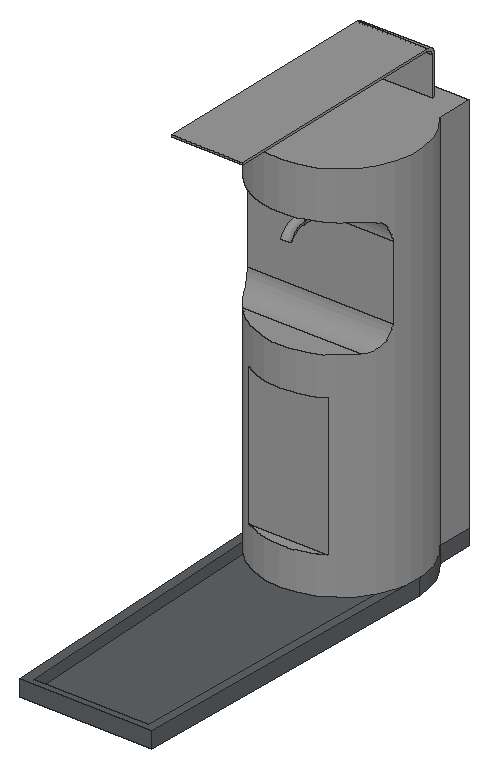
Revit family "KEUCO_34954010100", category Sonderausstattung, Revit 2016
Family settings
  Teiletyp = Normal
  Bemaßung runder Anschluss = Durchmesser verwenden
  Arbeitsebenenbasiert = Nein
  Immer vertikal = Ja
  Beim Laden mit Abzugskörper schneiden = Nein
  Gemeinsam genutzt = Nein
  Raumberechnungspunkt = Nein
Parameters (values of type "34954170100")
  Verwendung = "CA / GWC / WP"  # constant formula
  URL = "https://www.keuco.com/de/produkte/sortiment/artikel/?pid=34954&oid=1&pgo=12&country=de&lang=de&vid=34954170100"
  Serie = "Plan"  # constant formula
  Preisgruppe = "1"  # constant formula
  Material Regal [instance] = Aluminium silber-eloxiert (E6 EV1)
  Materialien bei Hersteller anfragen = "Request to:  objektmanagement@keuco.de"
  Kategorie = "ACC"  # constant formula
  Hersteller = "KEUCO"  # constant formula
  Gewicht = 320.7
  Beschreibung = "Spendergehäuse für 0,5 l Euronormflasche\r\nmit integrierter Pumpe (baugleich z.B. Bode\r\nEuronormflasche 0,5 l Sterilium), mit abnehmbarer\r\nTropfschale aus Kunststoff"
  Ausschreibungstext = "KEUCO Flüssigseifen- und Desinfektionsmittelspender 34954010100\r\nKEUCO PLAN Flüssigseifen- und Desinfektionsmittelspender, verchromt,\r\nin ästhetischem, funktionalem Design,\r\nmit abnehmbarer Tropfschale aus Kunststoff (anthrazit),\r\nfür 0,5 L Euronormflaschen, \r\nDie Euronormflaschen und Pumpen sind nicht im Lieferumfang enthalten:\r\n\r\nFolgende Euronormflaschen können eingesetzt werden:\r\nBode (Art-Nr 106650/ PZN 00970709; Dosierpumpe Art-Nr 9804241), \r\nB. Braun Petzold GmbH (Art-Nr 19159/ PZN 01980561; Dosierpumpe Art-Nr 3908380 ), \r\nEcolab GmbH & Co. OHG (Art-Nr 3017360/ PZN 07356119; Dosierpumpe Art-Nr 10000015) oder\r\nDr. Schumacher Hygiene & Desinfektion (Art-Nr 00-409-005; Dosierpumpe Art-Nr 00-906-005-02)\r\n\r\nhochglanzverchromtes Gehäuse mit transparentem Sichtfenster \r\nzur Identifikation von: Art der Flüssigkeit, Ablaufdatum und Füllstandsanzeige, \r\neinfaches Wechseln und Reinigen der Euronormflaschen durch frontale Entnahme, \r\nGesamtausladung inkl. Tropfschale 250 mm (ohne Tropfschale 170 mm), \r\nBauhöhe 302 mm, Breite 110 mm\r\nDer Spender wird verdeckt angebracht.\r\nLieferung inkl. korrosionsfreiem Befestigungsmaterial."
  Artikelnummer = "34954170100"
Types (3, lengths in mm): name | URL | Material Regal | Ausschreibungstext | Artikelnummer
  (no name) | "https://www.keuco.com/de/produkte/sortiment/artikel/?pid=34954&oid=1&pgo=12&country=de&lang=de&vid=34954170100" | Aluminium silber-eloxiert (E6 EV1) | "KEUCO Flüssigseifen- und Desinfektionsmittelspender 34954010100\r\nKEUCO PLAN Flüssigseifen- und Desinfektionsmittelspender, verchromt,\r\nin ästhetischem, funktionalem Design,\r\nmit abnehmbarer Tropfschale aus Kunststoff (anthrazit),\r\nfür 0,5 L Euronormflaschen, \r\nDie Euronormflaschen und Pumpen sind nicht im Lieferumfang enthalten:\r\n\r\nFolgende Euronormflaschen können eingesetzt werden:\r\nBode (Art-Nr 106650/ PZN 00970709; Dosierpumpe Art-Nr 9804241), \r\nB. Braun Petzold GmbH (Art-Nr 19159/ PZN 01980561; Dosierpumpe Art-Nr 3908380 ), \r\nEcolab GmbH & Co. OHG (Art-Nr 3017360/ PZN 07356119; Dosierpumpe Art-Nr 10000015) oder\r\nDr. Schumacher Hygiene & Desinfektion (Art-Nr 00-409-005; Dosierpumpe Art-Nr 00-906-005-02)\r\n\r\nhochglanzverchromtes Gehäuse mit transparentem Sichtfenster \r\nzur Identifikation von: Art der Flüssigkeit, Ablaufdatum und Füllstandsanzeige, \r\neinfaches Wechseln und Reinigen der Euronormflaschen durch frontale Entnahme, \r\nGesamtausladung inkl. Tropfschale 250 mm (ohne Tropfschale 170 mm), \r\nBauhöhe 302 mm, Breite 110 mm\r\nDer Spender wird verdeckt angebracht.\r\nLieferung inkl. korrosionsfreiem Befestigungsmaterial." | "34954170100"
  34954010100 | "https://www.keuco.com/de/produkte/sortiment/artikel/?pid=34954&oid=1&pgo=12&country=de&lang=de&vid=34954010100" | Verchromt | "KEUCO Flüssigseifen- und Desinfektionsmittelspender 34954010100\r\nKEUCO PLAN Flüssigseifen- und Desinfektionsmittelspender, verchromt,\r\nin ästhetischem, funktionalem Design,\r\nmit abnehmbarer Tropfschale aus Kunststoff (anthrazit),\r\nfür 0,5 L Euronormflaschen, \r\nDie Euronormflaschen und Pumpen sind nicht im Lieferumfang enthalten:\r\n\r\nFolgende Euronormflaschen können eingesetzt werden:\r\nBode (Art-Nr 106650/ PZN 00970709; Dosierpumpe Art-Nr 9804241), \r\nB. Braun Petzold GmbH (Art-Nr 19159/ PZN 01980561; Dosierpumpe Art-Nr 3908380 ), \r\nEcolab GmbH & Co. OHG (Art-Nr 3017360/ PZN 07356119; Dosierpumpe Art-Nr 10000015) oder\r\nDr. Schumacher Hygiene & Desinfektion (Art-Nr 00-409-005; Dosierpumpe Art-Nr 00-906-005-02)\r\n\r\nhochglanzverchromtes Gehäuse mit transparentem Sichtfenster \r\nzur Identifikation von: Art der Flüssigkeit, Ablaufdatum und Füllstandsanzeige, \r\neinfaches Wechseln und Reinigen der Euronormflaschen durch frontale Entnahme, \r\nGesamtausladung inkl. Tropfschale 250 mm (ohne Tropfschale 170 mm), \r\nBauhöhe 302 mm, Breite 110 mm\r\nDer Spender wird verdeckt angebracht.\r\nLieferung inkl. korrosionsfreiem Befestigungsmaterial" | "34954010100"
  34954170100 | "https://www.keuco.com/de/produkte/sortiment/artikel/?pid=34954&oid=1&pgo=12&country=de&lang=de&vid=34954170100" | Aluminium silber-eloxiert (E6 EV1) | "KEUCO Flüssigseifen- und Desinfektionsmittelspender 34954010100\r\nKEUCO PLAN Flüssigseifen- und Desinfektionsmittelspender, verchromt,\r\nin ästhetischem, funktionalem Design,\r\nmit abnehmbarer Tropfschale aus Kunststoff (anthrazit),\r\nfür 0,5 L Euronormflaschen, \r\nDie Euronormflaschen und Pumpen sind nicht im Lieferumfang enthalten:\r\n\r\nFolgende Euronormflaschen können eingesetzt werden:\r\nBode (Art-Nr 106650/ PZN 00970709; Dosierpumpe Art-Nr 9804241), \r\nB. Braun Petzold GmbH (Art-Nr 19159/ PZN 01980561; Dosierpumpe Art-Nr 3908380 ), \r\nEcolab GmbH & Co. OHG (Art-Nr 3017360/ PZN 07356119; Dosierpumpe Art-Nr 10000015) oder\r\nDr. Schumacher Hygiene & Desinfektion (Art-Nr 00-409-005; Dosierpumpe Art-Nr 00-906-005-02)\r\n\r\nhochglanzverchromtes Gehäuse mit transparentem Sichtfenster \r\nzur Identifikation von: Art der Flüssigkeit, Ablaufdatum und Füllstandsanzeige, \r\neinfaches Wechseln und Reinigen der Euronormflaschen durch frontale Entnahme, \r\nGesamtausladung inkl. Tropfschale 250 mm (ohne Tropfschale 170 mm), \r\nBauhöhe 302 mm, Breite 110 mm\r\nDer Spender wird verdeckt angebracht.\r\nLieferung inkl. korrosionsfreiem Befestigungsmaterial." | "34954170100"
Reference planes
  plane 1 "Center (Front/Back)": y = 0
  plane 2: z = 0
  plane 3 "Center (Left/Right)": x = 0
  plane 4: y = -92
  plane 5: z = -25
  plane 6: z = 158
Forms (mm)
  Extrusion 1, solid, material "Aluminium silber-eloxiert (E6 EV1)" <- "Material Regal"
    sketch origin (0, 0, 0) x (1, 0, 0) y (0, 1, 0)
      loop
        arc (-38.689, -24.256) -> (0, -111) -> (38.689, -24.256) r 52
        line (38.689, -24.256) -> (38.689, 0) -> (-38.689, 0) -> (-38.689, -24.256)
    from -213.19 to 45.371
  Sweep 2, solid, material "Aluminium silber-eloxiert (E6 EV1)" <- "Material Regal"
    path origin (0, 9.545, -63.924) x (0, 1, 0) y (0, 0, 1)
      loop
        line (-73.1, 64.348) -> (-103.1, 64.348)
        arc (-103.1, 64.348) -> (-109.96, 62.51) -> (-114.982, 57.488) r 13.72
    profile origin (0, -78.554, 0.424) x (0, 0, -1) y (1, 0, 0)
      loop
        circle (0, 0) r 3
  Extrusion 3, void
    sketch origin (0, 0, 0) x (0, 1, 0) y (0, 0, 1)
      loop
        line (-126.919, 12.976) -> (-126.919, -67.024) -> (-91.919, -67.024)
        arc (-91.919, -67.024) -> (-81.312, -62.631) -> (-76.919, -52.024) r 15
        line (-76.919, -52.024) -> (-76.919, -2.024)
        arc (-76.919, -2.024) -> (-81.312, 8.582) -> (-91.919, 12.976) r 15
        line (-91.919, 12.976) -> (-126.919, 12.976)
    from -91.827 to 250
  Extrusion 4, void
    sketch origin (0, 0, 0) x (0, 1, 0) y (0, 0, 1)
      loop
        line (-123.737, -92.89) -> (-123.737, -187.89) -> (-103.737, -187.89) -> (-103.737, -92.89) -> (-123.737, -92.89)
    from -158.79 to 250
  Extrusion 5, solid, material "Schwarzgrau"
    sketch origin (0, 0, 0) x (1, 0, 0) y (0, 1, 0)
      loop
        line (-38.689, 0) -> (-38.689, -24.256)
        arc (-38.689, -24.256) -> (-48.558, -40.397) -> (-52, -59) r 52
        line (-52, -59) -> (-44.492, -274) -> (44.492, -274) -> (52.039, -57.87)
        arc (52.039, -57.87) -> (48.355, -39.875) -> (38.689, -24.256) r 52.426
        line (38.689, -24.256) -> (38.689, 0) -> (-38.689, 0)
    from -223.631 to -213.19
  Extrusion 6, void
    sketch origin (0, 0, 0) x (1, 0, 0) y (0, 1, 0)
      loop
        line (-45.806, -64.864) -> (-38.651, -269.739) -> (38.651, -269.739) -> (45.806, -64.864) -> (-45.806, -64.864)
    from -220.508 to -187.89
  Extrusion 7, solid, material "Aluminium silber-eloxiert (E6 EV1)"
    sketch origin (0, 0, 0) x (0, 1, 0) y (0, 0, 1)
      loop
        line (-10, 45.371) -> (-8.654, 45.371) -> (-8.654, 71.812)
        arc (-8.654, 71.812) -> (-10.119, 75.347) -> (-13.654, 76.812) r 5
        line (-13.654, 76.812) -> (-170, 76.812) -> (-170, 75.371) -> (-13.828, 75.371)
        arc (-13.828, 75.371) -> (-11.121, 74.25) -> (-10, 71.543) r 3.828
        line (-10, 71.543) -> (-10, 45.371)
    from -25.07 to 22.452
Cuts and joins
  Extrusion 3, Extrusion 4 cuts Extrusion 1
  Extrusion 6 cuts Extrusion 5
Lines and regions (mm)
  symbolic lines, style "SpecialityEquipment"
    curve 1: line (-38.689, 0, 0) -> (38.689, 0, 0)
    curve 2: line (-38.689, 0, 0) -> (-38.689, -24.256, 0)
    curve 3: line (38.689, 0, 0) -> (38.689, -24.256, 0)
  symbolic lines
    curve 4: arc (-38.689, -24.256, 0) -> (-51.268, -67.695, 0) -> (-25.07, -104.557, 0) r 52
    curve 5: line (-52, -59, 0) -> (-44.492, -274, 0)
    curve 6: line (-44.492, -274, 0) -> (44.492, -274, 0)
    curve 7: line (44.492, -274, 0) -> (51.968, -60.822, 0)
    curve 8: line (-25.07, -8.654, 0) -> (22.452, -8.654, 0)
    curve 9: line (-25.07, -170, 0) -> (-25.07, -8.654, 0)
    curve 10: line (22.452, -170, 0) -> (-25.07, -170, 0)
    curve 11: line (22.452, -8.654, 0) -> (22.452, -170, 0)
    curve 12: arc (22.452, -105.903, 0) -> (51.001, -69.142, 0) -> (38.689, -24.256, 0) r 52
Dimensions and locks
  plane 4 to plane 1 "Center (Front/Back)" = 92 mm
  plane 2 to plane 5 = 25 mm
  plane 6 to plane 5 = 183 mm
  locked: plane 2 to plane 5 at 25
  Extrusion 1 to Extrusion 1 = 258.562 mm
  aligned and locked: level to plane 2
